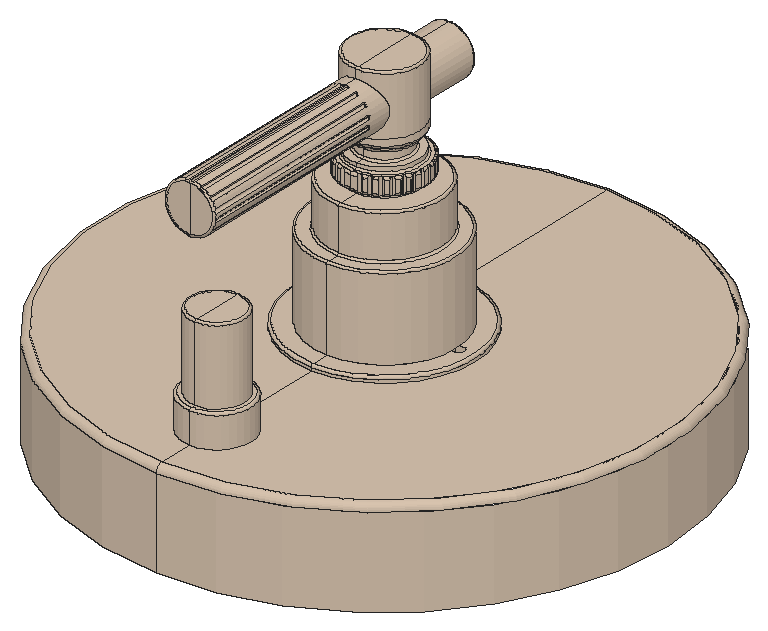
Revit family "Shower-Valve_Trim-KALLISTA-Central_Park_West-P21376_12", category Specialty Equipment, host Face, Revit 2021
Family settings
  Host = Face
  Round Connector Dimension = Use Diameter
  Part Type = Normal
  OmniClass Number = 23.31.25.00
  OmniClass Title = Toilet and Bath Specialties
  Cut with Voids When Loaded = No
  Shared = No
  Room Calculation Point = No
Parameters (values of type "BAF-Brushed French Gold")
  Width = 6.25984"  # constant formula
  WaterSense Certified = 1 = 0  # no
  URL = "https://www.kallista.com/"
  Type = 1
  Product Page URL = "https://www.kallista.com/bathroom/showering/shower-trim/central-park-west-pressure-balance-trim-with-diverter-lever-handle-p21376-lv-baf"
  Product Name = "Central Park West"  # constant formula
  Product Documentation Link = "https://resources.kohler.com/interiors/kallista/pdf/1377367-4.pdf"
  Model = if(Type = 1, "P21376-LV-BAF", if(Type = 2, "P21376-LV-BN", if(Type = 3, "P21376-LV-BV", if(Type = 4, "P21376-LV-CP", if(Type = 5, "P21376-LV-SN", if(Type = 6, "P21376-LV-ULB", "NA"))))))  # "P21376-LV-BAF"
  Material = "Solid Brass Construction"  # constant formula
  Master Format 2014 Name = "Toilet, Bath, and Laundry Accessories"  # constant formula
  Master Format 2014 = "10 28 00"  # constant formula
  Manufacturer Address = "444 Highland Dr, Kohler, WI 53044"  # constant formula
  Manufacturer = "Kallista Co."  # constant formula
  Length = 3.77953"  # constant formula
  Height = 6.25984"  # constant formula
  Handle Clearance = 2 173/256"  # constant formula
  Finish = Kallista-Metal-BAF-Brushed_French_Gold
  Environmental Product Declaration = ""
  Description = "Pressure Balance Trim With Diverter, Lever Handle"  # constant formula
  Default Elevation = 42"
  Declare Label = ""
  Date Modified = "11/02/2022"  # constant formula
  Date Created = "11/02/2022"  # constant formula
  Copyright = "Copyright Kallista Co."  # constant formula
  Contact Us = "https://www.kallista.com/corporate/contact-us/"
  Assembly Code = "C1030200"
  ADA Compliant = 1 = 1  # yes
Types (7): name | Type | Product Page URL | Model | Finish
  (no name) | 1 | "https://www.kallista.com/bathroom/showering/shower-trim/central-park-west-pressure-balance-trim-with-diverter-lever-handle-p21376-lv-baf" | "P21376-LV-BAF" | Kallista-Metal-BAF-Brushed_French_Gold
  BAF-Brushed French Gold | 1 | "https://www.kallista.com/bathroom/showering/shower-trim/central-park-west-pressure-balance-trim-with-diverter-lever-handle-p21376-lv-baf" | "P21376-LV-BAF" | Kallista-Metal-BAF-Brushed_French_Gold
  BN-Brushed Nickel | 2 | "" | "P21376-LV-BN" | Kallista-Metal-BN-Brushed_Nickel
  BV-Brushed Bronze | 3 | "https://www.kallista.com/bathroom/showering/shower-trim/central-park-west-pressure-balance-trim-with-diverter-lever-handle-p21376-lv-bv" | "P21376-LV-BV" | Kallista-Metal-BV-Brushed_Bronze
  CP-Chrome | 4 | "https://www.kallista.com/bathroom/showering/shower-trim/central-park-west-pressure-balance-trim-with-diverter-lever-handle-p21376-lv-cp" | "P21376-LV-CP" | Kallista-Metal-CP-Chrome
  SN-Polished Nickel | 5 | "https://www.kallista.com/bathroom/showering/shower-trim/central-park-west-pressure-balance-trim-with-diverter-lever-handle-p21376-lv-sn" | "P21376-LV-SN" | Kallista-Metal-SN-Polished_Nickel
  ULB-Unlaquered Brass | 6 | "https://www.kallista.com/bathroom/showering/shower-trim/central-park-west-pressure-balance-trim-with-diverter-lever-handle-p21376-lv-ulb" | "P21376-LV-ULB" | Kallista-Metal-ULB-Unlaquered_Brass
Reference planes (in)
  plane 1 "Center (Front/Back)": y = 0
  plane 2: z = 0
  plane 3 "Center (Left/Right)": x = 0
  plane 4: y = 3.12992
  plane 5: y = -3.12992
  plane 6: y = 0.9069
  plane 7: y = -2.67578
  plane 8: z = 3.77953
  plane 9: x = 3.12992
  plane 10: x = -3.12992
  plane 11: z = 3.66929
  plane 12: z = 3.11811
  plane 13: z = 3.3937
  plane 14: y = -2.29921
Dimensions and locks (in)
  level to plane 8 = 3.77953"  (x2)
  plane 5 to plane 4 = 6.25984"
  plane 12 to plane 11 = 0.55118"
  "Length": plane 8 to level
  plane 10 to plane 9 = 6.25984"
  "Width": plane 10 to plane 9
  "Height": plane 5 to plane 4
  "Handle Clearance": plane 1 "Center (Front/Back)" to plane 7
  plane 6 to plane 7 = 3.58268"
  plane 1 "Center (Front/Back)" to plane 14 = 2.29921"
  aligned and locked: plane 2 to host face
  aligned and locked: level to host face
Automatic sketch dimensions
  host sketch curve to host sketch curve = 96"  (x2)
Nested families (in)
  nested 1: "P21376" at (0, 0, 0), type "P21376"
Definition of nested family "P21376"
  Parameters
    Material = none
    Default Elevation = 0"
  Reference planes (in)
    plane 1 "Center (Front/Back)": y = 0
    plane 2: z = 0
    plane 3 "Center (Left/Right)": x = 0
    plane 4: x = -3.12992
    plane 5: x = 3.12992
    plane 6: y = 3.12992
    plane 7: y = -3.12992
    plane 8: x = 0.27559
    plane 9: x = -0.27559
    plane 10: z = 3.77953
    plane 11: y = -2.67717
    plane 12: y = -2.29921
    plane 13: y = 0.90551
    plane 14: z = 3.66929
    plane 15: z = 3.3937
    plane 16: z = 3.11811
  Forms (in)
    Revolve 1, solid, material <- "Material", detail levels medium+fine
      sketch origin (0, 0, 0) x (0, 1, 0) y (0, 0, 1)
        loop
          line (3.12992, 0) -> (3.12992, 0.98214)
          arc (3.12992, 0.98214) -> (3.10709, 1.03727) -> (3.05196, 1.0601) r 0.07796
          line (3.05196, 1.0601) -> (1.00012, 1.0601) -> (1.00012, 1.09243)
          arc (1.00012, 1.09243) -> (0.99204, 1.11194) -> (0.97254, 1.12001) r 0.02758
          line (0.97254, 1.12001) -> (0.78719, 1.12001) -> (0.78719, 2.01645)
          arc (0.78719, 2.01645) -> (0.78145, 2.03031) -> (0.76759, 2.03605) r 0.01961
          line (0.76759, 2.03605) -> (0.64025, 2.03605)
          arc (0.64025, 2.03605) -> (0.62633, 2.04182) -> (0.62056, 2.05574) r 0.01969
          line (0.62056, 2.05574) -> (0.62056, 2.51632)
          arc (0.62056, 2.51632) -> (0.6148, 2.53024) -> (0.60088, 2.53601) r 0.01969
          line (0.60088, 2.53601) -> (0.37768, 2.53601) -> (0.37768, 2.5762)
          arc (0.37768, 2.5762) -> (0.38349, 2.59023) -> (0.39752, 2.59604) r 0.01984
          line (0.39752, 2.59604) -> (0.4419, 2.59604)
          arc (0.4419, 2.59604) -> (0.45582, 2.60181) -> (0.46158, 2.61573) r 0.01969
          line (0.46158, 2.61573) -> (0.46158, 2.75634)
          arc (0.46158, 2.75634) -> (0.45582, 2.77026) -> (0.4419, 2.77602) r 0.01969
          line (0.4419, 2.77602) -> (0.3972, 2.77602)
          arc (0.3972, 2.77602) -> (0.38328, 2.78179) -> (0.37751, 2.79571) r 0.01969
          line (0.37751, 2.79571) -> (0.37751, 2.83602) -> (0.29826, 2.83602)
          arc (0.29826, 2.83602) -> (0.28434, 2.84179) -> (0.27858, 2.85571) r 0.01969
          line (0.27858, 2.85571) -> (0.27858, 2.96401) -> (0.31746, 2.96401)
          arc (0.31746, 2.96401) -> (0.33138, 2.96977) -> (0.33715, 2.98369) r 0.01969
          line (0.33715, 2.98369) -> (0.33715, 3.02297) -> (0.36863, 3.02297)
          arc (0.36863, 3.02297) -> (0.38267, 3.02879) -> (0.38849, 3.04283) r 0.01986
          line (0.38849, 3.04283) -> (0.38849, 3.11811) -> (0.38849, 3.75984)
          arc (0.38849, 3.75984) -> (0.38272, 3.77376) -> (0.36881, 3.77953) r 0.01969
          line (0.36881, 3.77953) -> (0, 3.77953) -> (0, 0) -> (3.12992, 0)
        axis (0, 3.77953) -> (0, 0)
      angle from 0 to 360
    Revolve 2, solid, material <- "Material", detail levels medium+fine
      sketch origin (0, 0, 0) x (0, 1, 0) y (0, 0, 1)
        loop
          line (0.88583, 3.66929) -> (-2.65748, 3.66929)
          arc (-2.65748, 3.66929) -> (-2.6714, 3.66353) -> (-2.67717, 3.64961) r 0.01969
          line (-2.67717, 3.64961) -> (-2.67717, 3.3937) -> (0.90551, 3.3937) -> (0.90551, 3.64961)
          arc (0.90551, 3.64961) -> (0.89975, 3.66353) -> (0.88583, 3.66929) r 0.01969
        axis (-2.67717, 3.3937) -> (0.90551, 3.3937)
      angle from 0 to 360
    Revolve 3, solid, material <- "Material", detail levels medium+fine
      sketch origin (0, 0, 0) x (0, 1, 0) y (0, 0, 1)
        loop
          line (-2.29921, 2.2605) -> (-2.29921, 0.96168) -> (-1.92659, 0.96168) -> (-1.92659, 1.39638)
          arc (-1.92659, 1.39638) -> (-1.9338, 1.41379) -> (-1.95121, 1.421) r 0.02462
          line (-1.95121, 1.421) -> (-1.99999, 1.421) -> (-1.99999, 2.24082)
          arc (-1.99999, 2.24082) -> (-2.00575, 2.25473) -> (-2.01967, 2.2605) r 0.01969
          line (-2.01967, 2.2605) -> (-2.29921, 2.2605)
        axis (-2.29921, 2.2605) -> (-2.29921, 0.96168)
      angle from 0 to 360
    Extrusion 4, void
      sketch origin (0, 0, 0) x (1, 0, 0) y (0, 1, 0)
        loop
          arc (0.84372, -0.0536) -> (0.88709, -0.00026) -> (0.84372, 0.05309) r 0.0545
          line (0.84372, 0.05309) -> (0.72783, 0.05309) -> (0.72783, -0.0536) -> (0.84372, -0.0536)
      from 0.80419 to 1.12001
    Extrusion 5, void
      sketch origin (0, 0, 0) x (-1, 0, 0) y (0, -1, 0)
        loop
          line (0.84372, 0.0536) -> (0.72783, 0.0536) -> (0.72783, -0.05309) -> (0.84372, -0.05309)
          arc (0.84372, -0.05309) -> (0.88709, 0.00026) -> (0.84372, 0.0536) r 0.0545
      from 0.80419 to 1.12001
    Extrusion 6, void
      sketch origin (0, 0, 0) x (1, 0, 0) y (0, 1, 0)
        loop
          circle (-0.45949, -0.04935) r 0.02362
      from 2.53601 to 2.96401
    Extrusion 7, void
      sketch origin (0, 0, 0) x (0.978148, -0.207912, 0) y (0.207912, 0.978148, 0)
        loop
          circle (-0.45949, -0.04935) r 0.02362
      from 2.53601 to 2.96401
    Extrusion 8, void
      sketch origin (0, 0, 0) x (0.913545, -0.406737, 0) y (0.406737, 0.913545, 0)
        loop
          circle (-0.45949, -0.04935) r 0.02362
      from 2.53601 to 2.96401
    Extrusion 9, void
      sketch origin (0, 0, 0) x (0.809017, -0.587785, 0) y (0.587785, 0.809017, 0)
        loop
          circle (-0.45949, -0.04935) r 0.02362
      from 2.53601 to 2.96401
    Extrusion 10, void
      sketch origin (0, 0, 0) x (0.669131, -0.743145, 0) y (0.743145, 0.669131, 0)
        loop
          circle (-0.45949, -0.04935) r 0.02362
      from 2.53601 to 2.96401
    Extrusion 11, void
      sketch origin (0, 0, 0) x (0.5, -0.866025, 0) y (0.866025, 0.5, 0)
        loop
          circle (-0.45949, -0.04935) r 0.02362
      from 2.53601 to 2.96401
    Extrusion 12, void
      sketch origin (0, 0, 0) x (0.309017, -0.951057, 0) y (0.951057, 0.309017, 0)
        loop
          circle (-0.45949, -0.04935) r 0.02362
      from 2.53601 to 2.96401
    Extrusion 13, void
      sketch origin (0, 0, 0) x (-0.309017, -0.951057, 0) y (0.951057, -0.309017, 0)
        loop
          circle (-0.45949, -0.04935) r 0.02362
      from 2.53601 to 2.96401
    Extrusion 14, void
      sketch origin (0, 0, 0) x (-0.5, -0.866025, 0) y (0.866025, -0.5, 0)
        loop
          circle (-0.45949, -0.04935) r 0.02362
      from 2.53601 to 2.96401
    Extrusion 15, void
      sketch origin (0, 0, 0) x (-0.669131, -0.743145, 0) y (0.743145, -0.669131, 0)
        loop
          circle (-0.45949, -0.04935) r 0.02362
      from 2.53601 to 2.96401
    Extrusion 16, void
      sketch origin (0, 0, 0) x (-0.809017, -0.587785, 0) y (0.587785, -0.809017, 0)
        loop
          circle (-0.45949, -0.04935) r 0.02362
      from 2.53601 to 2.96401
    Extrusion 17, void
      sketch origin (0, 0, 0) x (-1, 0, 0) y (0, -1, 0)
        loop
          circle (-0.45949, 0.04935) r 0.02362
      from 2.53601 to 2.96401
    Extrusion 18, void
      sketch origin (0, 0, 0) x (-0.978148, -0.207912, 0) y (0.207912, -0.978148, 0)
        loop
          circle (-0.45949, 0.04935) r 0.02362
      from 2.53601 to 2.96401
    Extrusion 19, void
      sketch origin (0, 0, 0) x (-0.913545, -0.406737, 0) y (0.406737, -0.913545, 0)
        loop
          circle (-0.45949, 0.04935) r 0.02362
      from 2.53601 to 2.96401
    Extrusion 20, void
      sketch origin (0, 0, 0) x (-0.809017, -0.587785, 0) y (0.587785, -0.809017, 0)
        loop
          circle (-0.45949, 0.04935) r 0.02362
      from 2.53601 to 2.96401
    Extrusion 21, void
      sketch origin (0, 0, 0) x (0.913545, 0.406737, 0) y (-0.406737, 0.913545, 0)
        loop
          circle (-0.45949, 0.04935) r 0.02362
      from 2.53601 to 2.96401
    Extrusion 22, void
      sketch origin (0, 0, 0) x (0.809017, 0.587785, 0) y (-0.587785, 0.809017, 0)
        loop
          circle (-0.45949, 0.04935) r 0.02362
      from 2.53601 to 2.96401
    Extrusion 23, void
      sketch origin (0, 0, 0) x (0.669131, 0.743145, 0) y (-0.743145, 0.669131, 0)
        loop
          circle (-0.45949, 0.04935) r 0.02362
      from 2.53601 to 2.96401
    Extrusion 24, void
      sketch origin (0, 0, 0) x (0.5, 0.866025, 0) y (-0.866025, 0.5, 0)
        loop
          circle (-0.45949, 0.04935) r 0.02362
      from 2.53601 to 2.96401
    Extrusion 25, void
      sketch origin (0, 0, 0) x (-0.669131, 0.743145, 0) y (-0.743145, -0.669131, 0)
        loop
          circle (-0.45949, 0.04935) r 0.02362
      from 2.53601 to 2.96401
    Extrusion 26, void
      sketch origin (0, 0, 0) x (-0.809017, 0.587785, 0) y (-0.587785, -0.809017, 0)
        loop
          circle (-0.45949, 0.04935) r 0.02362
      from 2.53601 to 2.96401
    Extrusion 27, void
      sketch origin (0, 0, 0) x (-0.913545, 0.406737, 0) y (-0.406737, -0.913545, 0)
        loop
          circle (-0.45949, -0.04935) r 0.02362
      from 2.53601 to 2.96401
    Extrusion 28, void
      sketch origin (0, 0, 0) x (-0.809017, 0.587785, 0) y (-0.587785, -0.809017, 0)
        loop
          circle (-0.45949, -0.04935) r 0.02362
      from 2.53601 to 2.96401
    Extrusion 29, void
      sketch origin (0, 0, 0) x (-0.5, 0.866025, 0) y (-0.866025, -0.5, 0)
        loop
          circle (-0.45949, 0.04935) r 0.02362
      from 2.53601 to 2.96401
    Extrusion 30, void
      sketch origin (0, 0, 0) x (-0.309017, 0.951057, 0) y (-0.951057, -0.309017, 0)
        loop
          circle (-0.45949, 0.04935) r 0.02362
      from 2.53601 to 2.96401
    Extrusion 31, void
      sketch origin (0, 0, 0) x (1, 0, 0) y (0, 1, 0)
        loop
          circle (-0.18769, -0.42126) r 0.02362
      from 2.53601 to 2.83602
    Extrusion 32, void
      sketch origin (0, 0, 0) x (0.978148, 0.207912, 0) y (-0.207912, 0.978148, 0)
        loop
          circle (-0.18769, -0.42126) r 0.02362
      from 2.53601 to 2.83602
    Extrusion 33, void
      sketch origin (0, 0, 0) x (0.978148, -0.207912, 0) y (0.207912, 0.978148, 0)
        loop
          circle (-0.18769, 0.42126) r 0.02362
      from 2.53601 to 2.83602
    Extrusion 34, void
      sketch origin (0, 0, 0) x (1, 0, 0) y (0, 0, 1)
        loop
          circle (0.13696, 3.63264) r 0.02165
      from 0.53901 to 2.66864
    Extrusion 35, void
      sketch origin (1.29871, 0, 0.25833) x (0.92388, 0, 0.382683) y (-0.382683, 0, 0.92388)
        loop
          circle (0.13696, 3.63264) r 0.02165
      from 0.53901 to 2.66864
    Extrusion 36, void
      sketch origin (-1.43424, 0, 0.31796) x (0.906308, 0, -0.422618) y (0.422618, 0, 0.906308)
        loop
          circle (0.13696, 3.63264) r 0.02165
      from 0.53901 to 2.66864
    Extrusion 37, void
      sketch origin (-2.59973, 0, 1.21227) x (0.642788, 0, -0.766044) y (0.766044, 0, 0.642788)
        loop
          circle (0.13696, 3.63264) r 0.02165
      from 0.53901 to 2.66864
    Extrusion 38, void
      sketch origin (0, 0, 0) x (-1, 0, 0) y (0, 0, -1)
        loop
          circle (0.13696, -3.63264) r 0.02165
      from 0.53901 to 2.66864
    Extrusion 39, void
      sketch origin (-1.29871, 0, 0.25833) x (-0.92388, 0, 0.382683) y (-0.382683, 0, -0.92388)
        loop
          circle (0.13696, -3.63264) r 0.02165
      from 0.53901 to 2.66864
    Extrusion 40, void
      sketch origin (1.43424, 0, 0.31796) x (-0.906308, 0, -0.422618) y (0.422618, 0, -0.906308)
        loop
          circle (0.13696, -3.63264) r 0.02165
      from 0.53901 to 2.66864
    Extrusion 41, void
      sketch origin (2.59973, 0, 1.21227) x (-0.642788, 0, -0.766044) y (0.766044, 0, -0.642788)
        loop
          circle (0.13696, -3.63264) r 0.02165
      from 0.53901 to 2.66864
    Extrusion 42, void
      sketch origin (0, 0, 6.7874) x (1, 0, 0) y (0, 0, 1)
        loop
          circle (0.13696, -3.63264) r 0.02165
      from 0.53901 to 2.66864
    Extrusion 43, void
      sketch origin (1.29871, 0, 6.52907) x (0.92388, 0, -0.382683) y (0.382683, 0, 0.92388)
        loop
          circle (0.13696, -3.63264) r 0.02165
      from 0.53901 to 2.66864
    Extrusion 44, void
      sketch origin (-1.43424, 0, 6.46944) x (0.906308, 0, 0.422618) y (-0.422618, 0, 0.906308)
        loop
          circle (0.13696, -3.63264) r 0.02165
      from 0.53901 to 2.66864
    Extrusion 45, void
      sketch origin (-2.59973, 0, 5.57513) x (0.642788, 0, 0.766044) y (-0.766044, 0, 0.642788)
        loop
          circle (0.13696, -3.63264) r 0.02165
      from 0.53901 to 2.66864
    Extrusion 46, void
      sketch origin (0, 0, 6.7874) x (-1, 0, 0) y (0, 0, -1)
        loop
          circle (0.13696, 3.63264) r 0.02165
      from 0.53901 to 2.66864
    Extrusion 47, void
      sketch origin (-1.29871, 0, 6.52907) x (-0.92388, 0, -0.382683) y (0.382683, 0, -0.92388)
        loop
          circle (0.13696, 3.63264) r 0.02165
      from 0.53901 to 2.66864
    Extrusion 48, void
      sketch origin (1.43424, 0, 6.46944) x (-0.906308, 0, 0.422618) y (-0.422618, 0, -0.906308)
        loop
          circle (0.13696, 3.63264) r 0.02165
      from 0.53901 to 2.66864
    Extrusion 49, void
      sketch origin (2.59973, 0, 5.57513) x (-0.642788, 0, 0.766044) y (-0.766044, 0, -0.642788)
        loop
          circle (0.13696, 3.63264) r 0.02165
      from 0.53901 to 2.66864
    Revolve 50, solid, material <- "Material", detail levels coarse
      sketch origin (0, 0, 0) x (0, 1, 0) y (0, 0, 1)
        loop
          line (0, 0) -> (0, 3.77953) -> (-0.3889, 3.77953) -> (-0.3889, 3.02258) -> (-0.33704, 3.02258) -> (-0.33704, 2.96402) -> (-0.27964, 2.96402) -> (-0.27964, 2.83699) -> (-0.37844, 2.83699) -> (-0.37844, 2.77602) -> (-0.46531, 2.77602) -> (-0.46531, 2.61623) -> (-0.37505, 2.61623) -> (-0.37505, 2.53792) -> (-0.62048, 2.53792) -> (-0.62048, 2.04382) -> (-0.78604, 2.04382) -> (-0.78604, 1.12382) -> (-0.99842, 1.12382) -> (-0.99842, 1.05686) -> (-3.12992, 1.05686) -> (-3.12992, 0) -> (0, 0)
        axis (0, 3.77953) -> (0, 0)
      angle from 0 to 360
    Revolve 51, solid, material <- "Material", detail levels coarse
      sketch origin (0, 0, 0) x (0, 1, 0) y (0, 0, 1)
        loop
          line (-2.29921, 1.0601) -> (-2.29921, 2.26042) -> (-2.60029, 2.26042) -> (-2.60029, 1.42284) -> (-2.67717, 1.42284) -> (-2.67717, 1.0601) -> (-2.29921, 1.0601)
        axis (-2.29921, 2.26042) -> (-2.29921, 1.0601)
      angle from 0 to 360
    Revolve 52, solid, material <- "Material", detail levels coarse
      sketch origin (0, 0, 0) x (0, 1, 0) y (0, 0, 1)
        loop
          line (0.90551, 3.3937) -> (0.90551, 3.66929) -> (-2.67717, 3.66929) -> (-2.67717, 3.3937) -> (0.90551, 3.3937)
        axis (0.90551, 3.3937) -> (-2.67717, 3.3937)
      angle from 0 to 360
  Cuts and joins
    Extrusion 4, Extrusion 5, Extrusion 6, Extrusion 7, Extrusion 8, Extrusion 9, Extrusion 10, Extrusion 11, Extrusion 12, Extrusion 13, Extrusion 14, Extrusion 15, Extrusion 16, Extrusion 17, Extrusion 18, Extrusion 19, Extrusion 20, Extrusion 21, Extrusion 22, Extrusion 23, Extrusion 24, Extrusion 25, Extrusion 26, Extrusion 27, Extrusion 28, Extrusion 29, Extrusion 30, Extrusion 31, Extrusion 32, Extrusion 33 cuts Revolve 1
    Extrusion 34, Extrusion 35, Extrusion 36, Extrusion 37, Extrusion 38, Extrusion 39, Extrusion 40, Extrusion 41, Extrusion 42, Extrusion 43, Extrusion 44, Extrusion 45, Extrusion 46, Extrusion 47, Extrusion 48, Extrusion 49 cuts Revolve 2
    joined: Revolve 1, Revolve 2, Revolve 3
  Lines and regions (in)
    Masking region 1
      outline origin (0, 0, 0) x (1, 0, 0) y (0, 1, 0)
        loop
          circle (0, 0) r 3.12992
    Masking region 2
      outline origin (0, 0, 0) x (1, 0, 0) y (0, 0, 1)
        loop
          line (0.36886, 3.77953) -> (0, 3.77953) -> (-0.36886, 3.77953)
          arc (-0.36886, 3.77953) -> (-0.38278, 3.77376) -> (-0.38855, 3.75984) r 0.01969
          line (-0.38855, 3.75984) -> (-0.38855, 3.04268)
          arc (-0.38855, 3.04268) -> (-0.38278, 3.02877) -> (-0.36886, 3.023) r 0.01969
          line (-0.36886, 3.023) -> (-0.33701, 3.023) -> (-0.33701, 2.98387)
          arc (-0.33701, 2.98387) -> (-0.33119, 2.96982) -> (-0.31713, 2.96399) r 0.01987
          line (-0.31713, 2.96399) -> (-0.27852, 2.96399) -> (-0.27852, 2.85573)
          arc (-0.27852, 2.85573) -> (-0.28429, 2.8418) -> (-0.29822, 2.83602) r 0.0197
          line (-0.29822, 2.83602) -> (-0.37759, 2.83602) -> (-0.37759, 2.77603) -> (-0.44223, 2.77603)
          arc (-0.44223, 2.77603) -> (-0.45615, 2.77027) -> (-0.46192, 2.75635) r 0.01969
          line (-0.46192, 2.75635) -> (-0.46192, 2.61562)
          arc (-0.46192, 2.61562) -> (-0.45615, 2.6017) -> (-0.44223, 2.59593) r 0.01969
          line (-0.44223, 2.59593) -> (-0.39737, 2.59593)
          arc (-0.39737, 2.59593) -> (-0.38345, 2.59016) -> (-0.37768, 2.57624) r 0.01969
          line (-0.37768, 2.57624) -> (-0.37768, 2.53601) -> (-0.60096, 2.53601)
          arc (-0.60096, 2.53601) -> (-0.61488, 2.53024) -> (-0.62065, 2.51632) r 0.01969
          line (-0.62065, 2.51632) -> (-0.62065, 2.05633)
          arc (-0.62065, 2.05633) -> (-0.62641, 2.04241) -> (-0.64033, 2.03665) r 0.01969
          line (-0.64033, 2.03665) -> (-0.76751, 2.03665)
          arc (-0.76751, 2.03665) -> (-0.78143, 2.03088) -> (-0.78719, 2.01696) r 0.01969
          line (-0.78719, 2.01696) -> (-0.78719, 1.12001) -> (-0.9765, 1.12001)
          arc (-0.9765, 1.12001) -> (-0.9932, 1.1131) -> (-1.00012, 1.09639) r 0.02362
          line (-1.00012, 1.09639) -> (-1.00012, 1.0601) -> (-3.05118, 1.0601)
          arc (-3.05118, 1.0601) -> (-3.10686, 1.03704) -> (-3.12992, 0.98136) r 0.07874
          line (-3.12992, 0.98136) -> (-3.12992, 0) -> (0, 0) -> (3.12992, 0) -> (3.12992, 0.98136)
          arc (3.12992, 0.98136) -> (3.10686, 1.03704) -> (3.05118, 1.0601) r 0.07874
          line (3.05118, 1.0601) -> (1.00012, 1.0601) -> (1.00012, 1.09639)
          arc (1.00012, 1.09639) -> (0.9932, 1.1131) -> (0.9765, 1.12001) r 0.02362
          line (0.9765, 1.12001) -> (0.78719, 1.12001) -> (0.78719, 2.01696)
          arc (0.78719, 2.01696) -> (0.78143, 2.03088) -> (0.76751, 2.03665) r 0.01969
          line (0.76751, 2.03665) -> (0.64033, 2.03665)
          arc (0.64033, 2.03665) -> (0.62641, 2.04241) -> (0.62065, 2.05633) r 0.01969
          line (0.62065, 2.05633) -> (0.62065, 2.51632)
          arc (0.62065, 2.51632) -> (0.61488, 2.53024) -> (0.60096, 2.53601) r 0.01969
          line (0.60096, 2.53601) -> (0.37768, 2.53601) -> (0.37768, 2.57624)
          arc (0.37768, 2.57624) -> (0.38345, 2.59016) -> (0.39737, 2.59593) r 0.01969
          line (0.39737, 2.59593) -> (0.44223, 2.59593)
          arc (0.44223, 2.59593) -> (0.45615, 2.6017) -> (0.46192, 2.61562) r 0.01969
          line (0.46192, 2.61562) -> (0.46192, 2.75635)
          arc (0.46192, 2.75635) -> (0.45615, 2.77027) -> (0.44223, 2.77603) r 0.01969
          line (0.44223, 2.77603) -> (0.37759, 2.77603) -> (0.37759, 2.83602) -> (0.29822, 2.83602)
          arc (0.29822, 2.83602) -> (0.28429, 2.8418) -> (0.27852, 2.85573) r 0.0197
          line (0.27852, 2.85573) -> (0.27852, 2.96399) -> (0.31713, 2.96399)
          arc (0.31713, 2.96399) -> (0.33119, 2.96982) -> (0.33701, 2.98387) r 0.01987
          line (0.33701, 2.98387) -> (0.33701, 3.023) -> (0.36886, 3.023)
          arc (0.36886, 3.023) -> (0.38278, 3.02877) -> (0.38855, 3.04268) r 0.01969
          line (0.38855, 3.04268) -> (0.38855, 3.75984)
          arc (0.38855, 3.75984) -> (0.38278, 3.77376) -> (0.36886, 3.77953) r 0.01969
    Masking region 3
      outline origin (0, 0, 0) x (0, 1, 0) y (0, 0, 1)
        loop
          line (3.12992, 0) -> (3.12992, 0.98136)
          arc (3.12992, 0.98136) -> (3.10686, 1.03704) -> (3.05118, 1.0601) r 0.07874
          line (3.05118, 1.0601) -> (1.00012, 1.0601) -> (1.00012, 1.09376)
          arc (1.00012, 1.09376) -> (0.99243, 1.11232) -> (0.97387, 1.12001) r 0.02625
          line (0.97387, 1.12001) -> (0.78719, 1.12001) -> (0.78719, 2.01627)
          arc (0.78719, 2.01627) -> (0.7814, 2.03026) -> (0.76741, 2.03605) r 0.01978
          line (0.76741, 2.03605) -> (0.64017, 2.03605)
          arc (0.64017, 2.03605) -> (0.62625, 2.04182) -> (0.62048, 2.05574) r 0.01969
          line (0.62048, 2.05574) -> (0.62048, 2.51632)
          arc (0.62048, 2.51632) -> (0.61472, 2.53024) -> (0.6008, 2.53601) r 0.01969
          line (0.6008, 2.53601) -> (0.37768, 2.53601) -> (0.37768, 2.57632)
          arc (0.37768, 2.57632) -> (0.38345, 2.59024) -> (0.39737, 2.596) r 0.01969
          line (0.39737, 2.596) -> (0.44191, 2.596)
          arc (0.44191, 2.596) -> (0.45583, 2.60177) -> (0.46159, 2.61569) r 0.01969
          line (0.46159, 2.61569) -> (0.46159, 2.75634)
          arc (0.46159, 2.75634) -> (0.45583, 2.77026) -> (0.44191, 2.77602) r 0.01969
          line (0.44191, 2.77602) -> (0.39737, 2.77602)
          arc (0.39737, 2.77602) -> (0.38345, 2.78179) -> (0.37768, 2.79571) r 0.01969
          line (0.37768, 2.79571) -> (0.37768, 2.83602) -> (0.2786, 2.83602) -> (0.2786, 2.96401) -> (0.31735, 2.96401)
          arc (0.31735, 2.96401) -> (0.33127, 2.96978) -> (0.33704, 2.98369) r 0.01969
          line (0.33704, 2.98369) -> (0.33704, 3.02298) -> (0.36894, 3.02298)
          arc (0.36894, 3.02298) -> (0.38286, 3.02874) -> (0.38863, 3.04266) r 0.01969
          line (0.38863, 3.04266) -> (0.38863, 3.11811) -> (0.88583, 3.11811)
          arc (0.88583, 3.11811) -> (0.89975, 3.12388) -> (0.90551, 3.1378) r 0.01969
          line (0.90551, 3.1378) -> (0.90551, 3.64961)
          arc (0.90551, 3.64961) -> (0.89975, 3.66353) -> (0.88583, 3.66929) r 0.01969
          line (0.88583, 3.66929) -> (0.38849, 3.66929) -> (0.38849, 3.75984)
          arc (0.38849, 3.75984) -> (0.38272, 3.77376) -> (0.36881, 3.77953) r 0.01969
          line (0.36881, 3.77953) -> (0, 3.77953) -> (-0.36881, 3.77953)
          arc (-0.36881, 3.77953) -> (-0.38272, 3.77376) -> (-0.38849, 3.75984) r 0.01969
          line (-0.38849, 3.75984) -> (-0.38849, 3.66929) -> (-2.65748, 3.66929)
          arc (-2.65748, 3.66929) -> (-2.6714, 3.66353) -> (-2.67717, 3.64961) r 0.01969
          line (-2.67717, 3.64961) -> (-2.67717, 3.1378)
          arc (-2.67717, 3.1378) -> (-2.6714, 3.12388) -> (-2.65748, 3.11811) r 0.01969
          line (-2.65748, 3.11811) -> (-0.38863, 3.11811) -> (-0.38863, 3.04266)
          arc (-0.38863, 3.04266) -> (-0.38286, 3.02874) -> (-0.36894, 3.02298) r 0.01969
          line (-0.36894, 3.02298) -> (-0.33704, 3.02298) -> (-0.33704, 2.98369)
          arc (-0.33704, 2.98369) -> (-0.33127, 2.96978) -> (-0.31735, 2.96401) r 0.01969
          line (-0.31735, 2.96401) -> (-0.2786, 2.96401) -> (-0.2786, 2.83602) -> (-0.37768, 2.83602) -> (-0.37768, 2.79571)
          arc (-0.37768, 2.79571) -> (-0.38345, 2.78179) -> (-0.39737, 2.77602) r 0.01969
          line (-0.39737, 2.77602) -> (-0.44191, 2.77602)
          arc (-0.44191, 2.77602) -> (-0.45583, 2.77026) -> (-0.46159, 2.75634) r 0.01969
          line (-0.46159, 2.75634) -> (-0.46159, 2.61569)
          arc (-0.46159, 2.61569) -> (-0.45583, 2.60177) -> (-0.44191, 2.596) r 0.01969
          line (-0.44191, 2.596) -> (-0.39737, 2.596)
          arc (-0.39737, 2.596) -> (-0.38345, 2.59024) -> (-0.37768, 2.57632) r 0.01969
          line (-0.37768, 2.57632) -> (-0.37768, 2.53601) -> (-0.6008, 2.53601)
          arc (-0.6008, 2.53601) -> (-0.61472, 2.53024) -> (-0.62048, 2.51632) r 0.01969
          line (-0.62048, 2.51632) -> (-0.62048, 2.05574)
          arc (-0.62048, 2.05574) -> (-0.62625, 2.04182) -> (-0.64017, 2.03605) r 0.01969
          line (-0.64017, 2.03605) -> (-0.76741, 2.03605)
          arc (-0.76741, 2.03605) -> (-0.7814, 2.03026) -> (-0.78719, 2.01627) r 0.01978
          line (-0.78719, 2.01627) -> (-0.78719, 1.12001) -> (-0.97387, 1.12001)
          arc (-0.97387, 1.12001) -> (-0.99243, 1.11232) -> (-1.00012, 1.09376) r 0.02625
          line (-1.00012, 1.09376) -> (-1.00012, 1.0601) -> (-1.92434, 1.0601) -> (-1.92434, 1.39555)
          arc (-1.92434, 1.39555) -> (-1.93179, 1.41355) -> (-1.94978, 1.421) r 0.02545
          line (-1.94978, 1.421) -> (-1.99999, 1.421) -> (-1.99999, 2.24082)
          arc (-1.99999, 2.24082) -> (-2.00575, 2.25473) -> (-2.01967, 2.2605) r 0.01969
          line (-2.01967, 2.2605) -> (-2.29921, 2.2605) -> (-2.57875, 2.2605)
          arc (-2.57875, 2.2605) -> (-2.59267, 2.25473) -> (-2.59844, 2.24082) r 0.01969
          line (-2.59844, 2.24082) -> (-2.59844, 1.421) -> (-2.64864, 1.421)
          arc (-2.64864, 1.421) -> (-2.66664, 1.41355) -> (-2.67409, 1.39555) r 0.02545
          line (-2.67409, 1.39555) -> (-2.67409, 1.0601) -> (-3.05118, 1.0601)
          arc (-3.05118, 1.0601) -> (-3.10686, 1.03704) -> (-3.12992, 0.98136) r 0.07874
          line (-3.12992, 0.98136) -> (-3.12992, 0) -> (3.12992, 0)
    symbolic lines, detail levels medium+fine
      curve 1: arc (0.27559, 0.73717, 0) -> (0.787, 0, 0) -> (0.27559, -0.73717, 0) r 0.787
      curve 2: arc (0.38905, 0.25068, 0) -> (0.38026, 0.21839, 0) -> (0.41258, 0.20971, 0) r 0.02362
      curve 3: arc (0.43267, 0.16431, 0) -> (0.41736, 0.13456, 0) -> (0.44717, 0.11935, 0) r 0.02362
      curve 4: arc (0.45738, 0.07077, 0) -> (0.43621, 0.04484, 0) -> (0.46221, 0.02377, 0) r 0.02362
      curve 5: arc (0.32694, 0.32758, 0) -> (0.32521, 0.29416, 0) -> (0.35863, 0.29255, 0) r 0.02362
      curve 6: arc (-0.27559, 0.34109, 0) -> (-0.43851, 0, 0) -> (-0.27559, -0.34109, 0) r 0.43851
      curve 7: arc (0.32694, 0.32758, 0) -> (0.30208, 0.35065, 0) -> (0.27559, 0.37182, 0) r 0.46282
      curve 8: arc (0.38905, 0.25068, 0) -> (0.37443, 0.27204, 0) -> (0.35863, 0.29255, 0) r 0.46282
      curve 9: arc (0.43267, 0.16431, 0) -> (0.42324, 0.18728, 0) -> (0.41258, 0.20971, 0) r 0.46282
      curve 10: arc (0.45738, 0.07077, 0) -> (0.45292, 0.09519, 0) -> (0.44717, 0.11935, 0) r 0.46282
      curve 11: arc (0.46221, -0.02377, 0) -> (0.46282, 0, 0) -> (0.46221, 0.02377, 0) r 0.46282
      curve 12: arc (0.38905, -0.25068, 0) -> (0.38026, -0.21839, 0) -> (0.41258, -0.20971, 0) r 0.02362
      curve 13: arc (0.43267, -0.16431, 0) -> (0.41736, -0.13456, 0) -> (0.44717, -0.11935, 0) r 0.02362
      curve 14: arc (0.45738, -0.07077, 0) -> (0.43621, -0.04484, 0) -> (0.46221, -0.02377, 0) r 0.02362
      curve 15: arc (0.32694, -0.32758, 0) -> (0.32521, -0.29416, 0) -> (0.35863, -0.29255, 0) r 0.02362
      curve 16: arc (0.32694, -0.32758, 0) -> (0.30208, -0.35065, 0) -> (0.27559, -0.37182, 0) r 0.46282
      curve 17: arc (0.38905, -0.25068, 0) -> (0.37443, -0.27204, 0) -> (0.35863, -0.29255, 0) r 0.46282
      curve 18: arc (0.43267, -0.16431, 0) -> (0.42324, -0.18728, 0) -> (0.41258, -0.20971, 0) r 0.46282
      curve 19: arc (0.45738, -0.07077, 0) -> (0.45292, -0.09519, 0) -> (0.44717, -0.11935, 0) r 0.46282
      curve 20: arc (-0.38905, 0.25068, 0) -> (-0.38026, 0.21839, 0) -> (-0.41258, 0.20971, 0) r 0.02362
      curve 21: arc (-0.43267, 0.16431, 0) -> (-0.41736, 0.13456, 0) -> (-0.44717, 0.11935, 0) r 0.02362
      curve 22: arc (-0.45738, 0.07077, 0) -> (-0.43621, 0.04484, 0) -> (-0.46221, 0.02377, 0) r 0.02362
      curve 23: arc (-0.32694, 0.32758, 0) -> (-0.32521, 0.29416, 0) -> (-0.35863, 0.29255, 0) r 0.02362
      curve 24: arc (-0.32694, 0.32758, 0) -> (-0.30208, 0.35065, 0) -> (-0.27559, 0.37182, 0) r 0.46282
      curve 25: arc (-0.38905, 0.25068, 0) -> (-0.37443, 0.27204, 0) -> (-0.35863, 0.29255, 0) r 0.46282
      curve 26: arc (-0.43267, 0.16431, 0) -> (-0.42324, 0.18728, 0) -> (-0.41258, 0.20971, 0) r 0.46282
      curve 27: arc (-0.45738, 0.07077, 0) -> (-0.45292, 0.09519, 0) -> (-0.44717, 0.11935, 0) r 0.46282
      curve 28: arc (-0.46221, -0.02377, 0) -> (-0.46282, 0, 0) -> (-0.46221, 0.02377, 0) r 0.46282
      curve 29: arc (-0.38905, -0.25068, 0) -> (-0.38026, -0.21839, 0) -> (-0.41258, -0.20971, 0) r 0.02362
      curve 30: arc (-0.43267, -0.16431, 0) -> (-0.41736, -0.13456, 0) -> (-0.44717, -0.11935, 0) r 0.02362
      curve 31: arc (-0.45738, -0.07077, 0) -> (-0.43621, -0.04484, 0) -> (-0.46221, -0.02377, 0) r 0.02362
      curve 32: arc (-0.32694, -0.32758, 0) -> (-0.32521, -0.29416, 0) -> (-0.35863, -0.29255, 0) r 0.02362
      curve 33: arc (-0.32694, -0.32758, 0) -> (-0.30208, -0.35065, 0) -> (-0.27559, -0.37182, 0) r 0.46282
      curve 34: arc (-0.38905, -0.25068, 0) -> (-0.37443, -0.27204, 0) -> (-0.35863, -0.29255, 0) r 0.46282
      curve 35: arc (-0.43267, -0.16431, 0) -> (-0.42324, -0.18728, 0) -> (-0.41258, -0.20971, 0) r 0.46282
      curve 36: arc (-0.45738, -0.07077, 0) -> (-0.45292, -0.09519, 0) -> (-0.44717, -0.11935, 0) r 0.46282
      curve 37: line (0.27559, 0.88583, 0) -> (0.27559, 0.258, 0)
      curve 38: line (-0.27559, 0.88583, 0) -> (-0.27559, 0.258, 0)
      curve 39: line (0.25591, 0.90551, 0) -> (-0.25591, 0.90551, 0)
      curve 40: line (0.25591, -2.67717, 0) -> (-0.25591, -2.67717, 0)
      curve 41: arc (0.26659, -0.93122, 0) -> (0.00469, 0.96861, 0) -> (-0.27559, -0.92859, 0) r 0.96863
      curve 42: arc (0.27559, -0.9614, 0) -> (0, 1.00012, 0) -> (-0.27559, -0.9614, 0) r 1.00012
      curve 43: arc (-0.27559, 0.73717, 0) -> (-0.787, 0, 0) -> (-0.27559, -0.73717, 0) r 0.787
      curve 44: circle (0, 0, 0) r 0.37751 normal (0, 0, 1)
      curve 45: circle (0, 0, 0) r 0.35783 normal (0, 0, 1)
      curve 46: line (-0.27559, -0.258, 0) -> (-0.27559, -0.34109, 0)
      curve 47: line (0.27559, -0.258, 0) -> (0.27559, -0.34109, 0)
      curve 48: line (0.27559, -0.258, 0) -> (0.27559, -2.65748, 0)
      curve 49: line (-0.27559, -0.258, 0) -> (-0.27559, -2.65748, 0)
      curve 50: arc (0.27559, -0.34109, 0) -> (0.43851, 0, 0) -> (0.27559, 0.34109, 0) r 0.43851
      curve 51: arc (-0.25591, 0.90551, 0) -> (-0.26982, 0.89975, 0) -> (-0.27559, 0.88583, 0) r 0.01969
      curve 52: arc (0.27559, 0.88583, 0) -> (0.26982, 0.89975, 0) -> (0.25591, 0.90551, 0) r 0.01969
      curve 53: arc (-0.27559, -2.65748, 0) -> (-0.26982, -2.6714, 0) -> (-0.25591, -2.67717, 0) r 0.01969
      curve 54: arc (0.27559, -2.65748, 0) -> (0.26982, -2.6714, 0) -> (0.25591, -2.67717, 0) r 0.01969
      curve 55: arc (-0.84372, 0.05309, 0) -> (-0.88709, -0.00026, 0) -> (-0.84372, -0.0536, 0) r 0.0545
      curve 56: line (-0.84372, -0.0536, 0) -> (-0.79986, -0.0536, 0)
      curve 57: line (-0.79989, 0.05309, 0) -> (-0.84372, 0.05309, 0)
      curve 58: arc (0.27559, -0.75279, 0) -> (0.80165, 0, 0) -> (0.27559, 0.75279, 0) r 0.80165
      curve 59: arc (0.84372, 0.05309, 0) -> (0.88709, -0.00026, 0) -> (0.84372, -0.0536, 0) r 0.0545
      curve 60: line (0.84372, -0.0536, 0) -> (0.79986, -0.0536, 0)
      curve 61: line (0.79989, 0.05309, 0) -> (0.84372, 0.05309, 0)
      curve 62: arc (-0.27559, 0.75279, 0) -> (-0.80165, 0, 0) -> (-0.27559, -0.75279, 0) r 0.80165
      curve 63: arc (-0.27163, 0.57145, 0) -> (-0.63272, 0.0022, 0) -> (-0.27559, -0.56955, 0) r 0.63272
      curve 64: arc (-0.27559, 0.54873, 0) -> (-0.61404, 0, 0) -> (-0.27559, -0.54873, 0) r 0.61404
      curve 65: arc (0.27559, -0.56955, 0) -> (0.63272, 0, 0) -> (0.27559, 0.56955, 0) r 0.63272
      curve 66: arc (0.27559, -0.54873, 0) -> (0.61404, 0, 0) -> (0.27559, 0.54873, 0) r 0.61404
      curve 67: arc (0.27559, -2.55, 0) -> (0.37262, -2.29921, 0) -> (0.27559, -2.04842, 0) r 0.37262
      curve 68: arc (-0.27559, -2.01805, 0) -> (-0.3937, -2.29921, 0) -> (-0.27559, -2.58037, 0) r 0.3937
      curve 69: arc (-0.27559, -2.18265, 0) -> (-0.29923, -2.29921, 0) -> (-0.27559, -2.41577, 0) r 0.29923
      curve 70: arc (-0.27559, -2.22537, 0) -> (-0.28531, -2.29921, 0) -> (-0.27559, -2.37306, 0) r 0.28531
      curve 71: arc (-0.27559, -2.55, 0) -> (-0.37262, -2.29921, 0) -> (-0.27559, -2.04842, 0) r 0.37262
      curve 72: arc (0.27559, -2.41577, 0) -> (0.29923, -2.29921, 0) -> (0.27559, -2.18265, 0) r 0.29923
      curve 73: arc (0.27559, -2.37306, 0) -> (0.28531, -2.29921, 0) -> (0.27559, -2.22537, 0) r 0.28531
      curve 74: arc (0.27559, -2.58037, 0) -> (0.3937, -2.29921, 0) -> (0.27559, -2.01805, 0) r 0.3937
      curve 75: arc (-0.11024, -2.67717, 0) -> (0, -2.69291, 0) -> (0.11024, -2.67717, 0) r 0.3937
      curve 76: line (-0.26659, -0.55363, 0) -> (-0.26659, -2.65748, 0)
      curve 77: line (-0.23703, -2.65748, 0) -> (-0.23703, -0.55196, 0)
      curve 78: line (-0.21209, -0.55196, 0) -> (-0.21209, -2.65748, 0)
      curve 79: line (-0.1554, -2.65748, 0) -> (-0.1554, -0.55776, 0)
      curve 80: line (-0.11785, -0.55776, 0) -> (-0.11785, -2.65748, 0)
      curve 81: line (-0.05648, -2.65748, 0) -> (-0.05648, -0.55933, 0)
      curve 82: line (-0.01354, -0.55933, 0) -> (-0.01354, -2.65748, 0)
      curve 83: line (-0.27559, -2.65748, 0) -> (0.27559, -2.65748, 0)
      curve 84: line (0.01354, -2.65748, 0) -> (0.01354, -0.55933, 0)
      curve 85: line (0.05648, -0.55933, 0) -> (0.05648, -2.65748, 0)
      curve 86: line (0.11785, -2.65748, 0) -> (0.11785, -0.55776, 0)
      curve 87: line (0.1554, -0.55776, 0) -> (0.1554, -2.65748, 0)
      curve 88: line (0.21209, -2.65748, 0) -> (0.21209, -0.55196, 0)
      curve 89: line (0.23703, -0.55196, 0) -> (0.23703, -2.65748, 0)
      curve 90: circle (0, 0, 0) r 3.08101 normal (0, 0, 1)
      curve 91: line (0.38855, 0, 3.75984) -> (-0.38855, 0, 3.75984)
      curve 92: line (0.38855, 0, 3.04268) -> (-0.38855, 0, 3.04268)
      curve 93: line (0.33715, 0, 3.02297) -> (-0.33715, 0, 3.02297)
      curve 94: line (-0.33715, 0, 3.02297) -> (0.33701, 0, 3.02297)
      curve 95: line (0.33701, 0, 3.01482) -> (-0.33701, 0, 3.01482)
      curve 96: line (-0.33701, 0, 2.98387) -> (0.33701, 0, 2.98387)
      curve 97: line (0.27858, 0, 2.96399) -> (-0.28044, 0, 2.96399)
      curve 98: line (-0.27852, 0, 2.95355) -> (0.27852, 0, 2.95355)
      curve 99: line (0.27852, 0, 2.85573) -> (-0.27852, 0, 2.85573)
      curve 100: line (-0.29822, 0, 2.83602) -> (0.29822, 0, 2.83602)
      curve 101: line (0.37759, 0, 2.82549) -> (-0.37759, 0, 2.82549)
      curve 102: line (-0.37759, 0, 2.78802) -> (0.37759, 0, 2.78802)
      curve 103: line (0.37712, 0, 2.77602) -> (-0.38444, 0, 2.77602)
      curve 104: line (-0.46192, 0, 2.75635) -> (0.46192, 0, 2.75635)
      curve 105: line (0.46192, 0, 2.61562) -> (-0.46192, 0, 2.61562)
      curve 106: line (0.39737, 0, 2.59593) -> (-0.39737, 0, 2.59593)
      curve 107: line (-0.37768, 0, 2.57624) -> (0.37768, 0, 2.57624)
      curve 108: line (0.37768, 0, 2.53601) -> (-0.37768, 0, 2.53601)
      curve 109: line (0.62065, 0, 2.51632) -> (-0.62065, 0, 2.51632)
      curve 110: line (0.62065, 0, 2.05633) -> (-0.62065, 0, 2.05633)
      curve 111: line (-0.64033, 0, 2.03665) -> (0.64033, 0, 2.03665)
      curve 112: line (0.78719, 0, 2.01696) -> (-0.78719, 0, 2.01696)
      curve 113: line (-0.78719, 0, 1.12001) -> (0.78719, 0, 1.12001)
      curve 114: line (1.00012, 0, 1.09639) -> (-1.00012, 0, 1.09639)
      curve 115: line (-1.00012, 0, 1.0601) -> (1.00012, 0, 1.0601)
      curve 116: line (3.12992, 0, 0.98136) -> (-3.12992, 0, 0.98136)
      curve 117: line (0.44598, 0, 2.61562) -> (0.44598, 0, 2.75635)
      curve 118: line (0.4315, 0, 2.75635) -> (0.4315, 0, 2.61562)
      curve 119: line (0.41149, 0, 2.61562) -> (0.41149, 0, 2.75635)
      curve 120: line (0.38799, 0, 2.75635) -> (0.38799, 0, 2.61562)
      curve 121: line (0.3577, 0, 2.61562) -> (0.3577, 0, 2.75635)
      curve 122: line (0.32604, 0, 2.75635) -> (0.32604, 0, 2.61562)
      curve 123: line (0.28923, 0, 2.61562) -> (0.28923, 0, 2.75635)
      curve 124: line (0.25099, 0, 2.75635) -> (0.25099, 0, 2.61562)
      curve 125: line (0.20811, 0, 2.61562) -> (0.20811, 0, 2.75635)
      curve 126: line (0.16496, 0, 2.75635) -> (0.16496, 0, 2.61562)
      curve 127: line (0.1179, 0, 2.61562) -> (0.1179, 0, 2.75635)
      curve 128: line (0.07173, 0, 2.75635) -> (0.07173, 0, 2.61562)
      curve 129: line (-0.07285, 0, 2.61562) -> (-0.07285, 0, 2.75635)
      curve 130: line (-0.11906, 0, 2.75635) -> (-0.11906, 0, 2.61562)
      curve 131: line (-0.16692, 0, 2.61562) -> (-0.16692, 0, 2.75635)
      curve 132: line (-0.20999, 0, 2.75635) -> (-0.20999, 0, 2.61562)
      curve 133: line (-0.25275, 0, 2.61562) -> (-0.25275, 0, 2.75635)
      curve 134: line (-0.29086, 0, 2.75635) -> (-0.29086, 0, 2.61562)
      curve 135: line (-0.32753, 0, 2.61562) -> (-0.32753, 0, 2.75635)
      curve 136: line (-0.35902, 0, 2.75635) -> (-0.35902, 0, 2.61562)
      curve 137: line (-0.38799, 0, 2.61562) -> (-0.38799, 0, 2.75635)
      curve 138: line (-0.41149, 0, 2.75635) -> (-0.41149, 0, 2.61562)
      curve 139: line (-0.46192, 0, 2.75635) -> (-0.46192, 0, 2.61562)
      curve 140: line (-0.4315, 0, 2.61562) -> (-0.4315, 0, 2.75635)
      curve 141: line (0.03352, 0, 2.75635) -> (0.03352, 0, 2.61562)
      curve 142: line (-0.0387, 0, 2.75635) -> (-0.0387, 0, 2.61562)
      curve 143: line (-0.01596, 0, 2.75635) -> (-0.01596, 0, 2.71263)
      curve 144: line (-0.01596, 0, 2.71263) -> (-0.01596, 0, 2.61562)
      curve 145: line (0.01304, 0, 2.75635) -> (0.01304, 0, 2.61562)
      curve 146: circle (0, 0, 3.3937) r 0.25376 normal (0, -1, 0)
      curve 147: circle (0, 0, 3.3937) r 0.27559 normal (0, -1, 0)
      curve 148: line (0, 0.38849, 3.75984) -> (0, -0.38849, 3.75984)
      curve 149: line (0, 0.88583, 3.66929) -> (0, 0.88583, 3.11811)
      curve 150: line (0, 0.38863, 3.04266) -> (0, -0.38863, 3.04266)
      curve 151: line (0, 0.33704, 3.02298) -> (0, -0.33704, 3.02298)
      curve 152: line (0, 0.33704, 2.98369) -> (0, -0.33704, 2.98369)
      curve 153: line (0, 0.27858, 2.96401) -> (0, -0.27858, 2.96401)
      curve 154: line (0, 0.2786, 2.95237) -> (0, -0.2786, 2.95237)
      curve 155: line (0, 0.2786, 2.85245) -> (0, -0.2786, 2.85245)
      curve 156: line (0, 0.2786, 2.83602) -> (0, -0.2786, 2.83602)
      curve 157: line (0, 0.37768, 2.82202) -> (0, -0.37768, 2.82202)
      curve 158: line (0, 0.37768, 2.79571) -> (0, -0.37768, 2.79571)
      curve 159: line (0, 0.39737, 2.77602) -> (0, -0.39737, 2.77602)
      curve 160: line (0, 0.46159, 2.75634) -> (0, -0.46159, 2.75634)
      curve 161: line (0, 0.46159, 2.61569) -> (0, -0.46159, 2.61569)
      curve 162: line (0, 0.40801, 2.59604) -> (0, -0.4419, 2.59604)
      curve 163: line (0, 0.37768, 2.57632) -> (0, -0.37768, 2.57632)
      curve 164: line (0, 0.37768, 2.53601) -> (0, -0.37768, 2.53601)
      curve 165: line (0, -0.62048, 2.51632) -> (0, 0.62048, 2.51632)
      curve 166: line (0, 0.37768, 2.55001) -> (0, -0.37768, 2.55001)
      curve 167: line (0, 0.62048, 2.05574) -> (0, -0.62048, 2.05574)
      curve 168: line (0, 0.64017, 2.03605) -> (0, -0.64017, 2.03605)
      curve 169: line (0, 0.78719, 2.01627) -> (0, -0.78719, 2.01627)
      curve 170: line (0, 0.787, 1.746) -> (0, -0.78719, 1.746)
      curve 171: line (0, 0.78719, 1.12001) -> (0, -0.78719, 1.12001)
      curve 172: line (0, 1.00012, 1.0601) -> (0, -1.00012, 1.0601)
      curve 173: line (0, 3.12992, 0.98136) -> (0, -3.12992, 0.98136)
      curve 174: line (0, -1.92434, 0.98136) -> (0, -2.67409, 0.98136)
      curve 175: line (0, -1.92434, 1.0601) -> (0, -2.67183, 1.0601)
      curve 176: line (0, -1.92434, 1.39555) -> (0, -2.67409, 1.39555)
      curve 177: line (0, -1.99999, 1.421) -> (0, -2.59844, 1.421)
      curve 178: line (0, -1.99999, 2.24082) -> (0, -2.59844, 2.24082)
      curve 179: line (0, -0.54782, 3.64282) -> (0, -2.65748, 3.64282)
      curve 180: line (0, -2.65748, 3.6213) -> (0, -0.54782, 3.6213)
      curve 181: line (0, -0.55561, 3.56968) -> (0, -2.65748, 3.56968)
      curve 182: line (0, -2.65748, 3.5343) -> (0, -0.55561, 3.5343)
      curve 183: line (0, -0.55945, 3.46356) -> (0, -2.65748, 3.46356)
      curve 184: line (0, -2.65748, 3.42095) -> (0, -0.55945, 3.42095)
      curve 185: line (0, -0.55945, 3.36645) -> (0, -2.65748, 3.36645)
      curve 186: line (0, -2.65748, 3.32385) -> (0, -0.55945, 3.32385)
      curve 187: line (0, -0.55561, 3.25311) -> (0, -2.65748, 3.25311)
      curve 188: line (0, -2.65748, 3.21773) -> (0, -0.55561, 3.21773)
      curve 189: line (0, -0.54782, 3.16611) -> (0, -2.65748, 3.16611)
      curve 190: line (0, -2.65748, 3.14458) -> (0, -0.54782, 3.14458)
      curve 191: line (0, -2.65748, 3.66344) -> (0, -0.55088, 3.66344)
      curve 192: line (0, -0.55088, 3.12396) -> (0, -2.65748, 3.12396)
      curve 193: line (0, -2.65748, 3.11809) -> (0, -2.65748, 3.66929)
      curve 194: line (0, 0.44596, 2.75634) -> (0, 0.44596, 2.61569)
      curve 195: line (0, 0.41105, 2.75634) -> (0, 0.41105, 2.61569)
      curve 196: line (0, 0.43034, 2.61569) -> (0, 0.43034, 2.75634)
      curve 197: line (0, 0.38623, 2.61569) -> (0, 0.38623, 2.75634)
      curve 198: line (0, 0.35841, 2.75634) -> (0, 0.35841, 2.61569)
      curve 199: line (0, 0.32524, 2.61569) -> (0, 0.32524, 2.75634)
      curve 200: line (0, 0.2901, 2.75634) -> (0, 0.2901, 2.61569)
      curve 201: line (0, 0.25004, 2.61569) -> (0, 0.25004, 2.75634)
      curve 202: line (0, 0.20912, 2.75634) -> (0, 0.20912, 2.61569)
      curve 203: line (0, 0.16391, 2.61569) -> (0, 0.16391, 2.75634)
      curve 204: line (0, 0.119, 2.75634) -> (0, 0.119, 2.61569)
      curve 205: line (0, 0.07061, 2.61569) -> (0, 0.07061, 2.75634)
      curve 206: line (0, 0.02367, 2.75634) -> (0, 0.02367, 2.61569)
      curve 207: line (0, -0.02577, 2.61569) -> (0, -0.02577, 2.75634)
      curve 208: line (0, -0.07269, 2.75634) -> (0, -0.07269, 2.61569)
      curve 209: line (0, -0.119, 2.61569) -> (0, -0.119, 2.75634)
      curve 210: line (0, -0.16391, 2.75634) -> (0, -0.16391, 2.61569)
      curve 211: line (0, -0.20912, 2.61569) -> (0, -0.20912, 2.75634)
      curve 212: line (0, -0.25004, 2.75634) -> (0, -0.25004, 2.61569)
      curve 213: line (0, -0.2901, 2.61569) -> (0, -0.2901, 2.75634)
      curve 214: line (0, -0.32524, 2.75634) -> (0, -0.32524, 2.61569)
      curve 215: line (0, -0.35841, 2.61569) -> (0, -0.35841, 2.75634)
      curve 216: line (0, -0.38623, 2.75634) -> (0, -0.38623, 2.61569)
      curve 217: line (0, -0.41146, 2.61569) -> (0, -0.41146, 2.75634)
      curve 218: line (0, -0.43069, 2.75634) -> (0, -0.43069, 2.61569)
      curve 219: line (0, -0.44596, 2.61569) -> (0, -0.44596, 2.75634)
      curve 220: line (0, 0.38849, 3.66929) -> (0, 0.38849, 3.11811)
      curve 221: line (0, -0.38849, 3.66929) -> (0, -0.38849, 3.11811)
      curve 222: line (-0.27559, 0.88583, 0) -> (0.27559, 0.88583, 0)
      curve 223: line (0.78719, 0, 1.82011) -> (-0.78719, 0, 1.82011)
      curve 224: arc (0, -0.55945, 3.32385) -> (0, -0.53814, 3.34515) -> (0, -0.55945, 3.36645) r 0.0213
      curve 225: arc (0, -0.55561, 3.21773) -> (0, -0.53792, 3.23542) -> (0, -0.55561, 3.25311) r 0.01769
      curve 226: arc (0, -0.54782, 3.14458) -> (0, -0.53706, 3.15534) -> (0, -0.54782, 3.16611) r 0.01076
      curve 227: arc (0, -0.53814, 3.11844) -> (0, -0.54394, 3.12252) -> (0, -0.55088, 3.12396) r 0.01746
      curve 228: arc (0, -0.55945, 3.46356) -> (0, -0.53814, 3.44225) -> (0, -0.55945, 3.42095) r 0.0213
      curve 229: arc (0, -0.55561, 3.56968) -> (0, -0.53792, 3.55199) -> (0, -0.55561, 3.5343) r 0.01769
      curve 230: arc (0, -0.54782, 3.64282) -> (0, -0.53706, 3.63206) -> (0, -0.54782, 3.6213) r 0.01076
      curve 231: arc (0, -0.53814, 3.66896) -> (0, -0.54394, 3.66488) -> (0, -0.55088, 3.66344) r 0.01746
      curve 232: arc (-0.05648, -0.55933, 0) -> (-0.03501, -0.53786, 0) -> (-0.01354, -0.55933, 0) r 0.02147
      curve 233: arc (-0.1554, -0.55776, 0) -> (-0.13663, -0.53898, 0) -> (-0.11785, -0.55776, 0) r 0.01878
      curve 234: arc (-0.23703, -0.55196, 0) -> (-0.22456, -0.53949, 0) -> (-0.21209, -0.55196, 0) r 0.01247
      curve 235: arc (-0.27559, -0.53901, 0) -> (-0.26902, -0.54504, 0) -> (-0.26659, -0.55363, 0) r 0.01637
      curve 236: arc (0.05648, -0.55933, 0) -> (0.03501, -0.53786, 0) -> (0.01354, -0.55933, 0) r 0.02147
      curve 237: arc (0.1554, -0.55776, 0) -> (0.13663, -0.53898, 0) -> (0.11785, -0.55776, 0) r 0.01878
      curve 238: arc (0.23703, -0.55196, 0) -> (0.22456, -0.53949, 0) -> (0.21209, -0.55196, 0) r 0.01247
      curve 239: arc (0.27559, -0.53901, 0) -> (0.26902, -0.54504, 0) -> (0.26659, -0.55363, 0) r 0.01637
      curve 240: line (0.26659, -0.55363, 0) -> (0.26659, -2.65748, 0)
  Dimensions and locks (in)
    locked: plane 4 to plane 3 "Center (Left/Right)" at 3.12992
    locked: plane 4 to plane 5 at 6.25984
    locked: plane 6 to plane 7 at 6.25984  (x2)
    locked: plane 7 to plane 1 "Center (Front/Back)" at 3.12992
    locked: plane 3 "Center (Left/Right)" to plane 8 at 0.27559
    locked: plane 9 to plane 8 at 0.55118
    locked: level to plane 10 at 3.77953
    locked: plane 5 to plane 4 at 6.25984  (x2)
    locked: plane 8 to plane 9 at 0.55118  (x2)
    locked: plane 10 to level at 3.77953  (x3)
    locked: plane 1 "Center (Front/Back)" to plane 11 at 2.67717
    locked: plane 1 "Center (Front/Back)" to plane 12 at 2.29921
    locked: plane 13 to plane 11 at 3.58268
    locked: plane 14 to level at 3.66929
    locked: plane 14 to plane 15 at 0.27559
    locked: plane 14 to plane 16 at 0.55118  (x2)
    locked: plane 7 to plane 6 at 6.25984
    locked: plane 11 to plane 13 at 3.58268
    locked: plane 12 to plane 1 "Center (Front/Back)" at 2.29921
    aligned and locked: plane 2 to level
